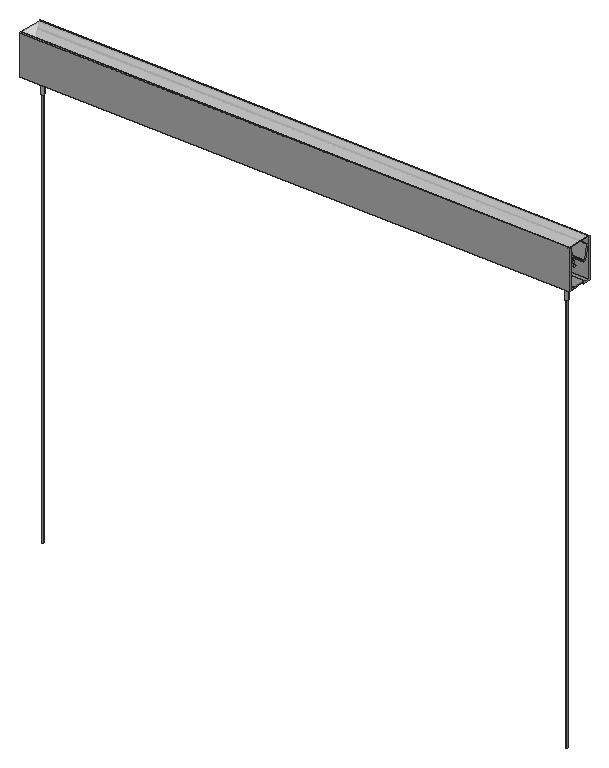
Revit family "2093090 Sylvania Lighting Fixture MC2 D I 1-2M 3K DALIEM WHT OPAL", category Lighting Fixtures, host Face, Revit 2016
Family settings
  Host = Face
  Part Type = Normal
  Round Connector Dimension = Use Diameter
  OmniClass Number = 23.80.70.11.17
  OmniClass Title = Specialized Lighting by Location or Use
  Cut with Voids When Loaded = No
  Light Source = Yes
  Shared = No
  Room Calculation Point = No
Parameters (values of type "2093090 MC2 D/I 1.2M 3K DALIEM WHT OPAL Emergency mode")
  Width_SYL = 54.0 mm
  Weight = "3.4 kg"
  Wattage = 35 W
  WarrantyStartDate [instance] = "n/a"
  WarrantyGuarantorParts = "n/a"
  WarrantyDurationUnit = "n/a"
  WarrantyDurationParts = "n/a"
  WarrantyDescription = "n/a"
  built-in parameter 1150110 = 1 (stored number, unit not read)
  Voltage = 0 V
  URL = "http://www.sylvania-lighting.com"
  TypeName = "MC2 D/I 1.2M 3K DALIEM WHT OPAL Emergency mode"
  built-in parameter 1114217 = 1 (stored number, unit not read)
  Tilt Angle = -90.00°
  built-in parameter 1150109 = 1 (stored number, unit not read)
  built-in parameter 1150134 = (empty or 0)
  built-in parameter 1150113 = 1 (stored number, unit not read)
  SerialNumber [instance] = "n/a"
  PowerFactor = 0.95
  PowerConsumption = "35 W"
  NominalWidth = 0.0 mm
  NominalLength = 1200.0 mm
  NominalHeight = 86.0 mm
  Name = "MC2 D/I 1.2M 3K DALIEM WHT OPAL Emergency mode"
  ModelReference = "MC2 D/I 1.2M 3K DALIEM WHT OPAL"
  ModelNumber = "2093090"
  Material_3_SYL = Metal_Sylvania_Mini Contiuum II_Silver
  Photometric Web File = "2093090EM.ies"
  Material_4_SYL = Metal_Sylvania_Mini Contiuum II_Silver
  MountingHeight_SYL [instance] = 1000.0 mm
  Material = "aluminium housing, polycarbonate diffuser"
  ManufacturerName = "Feilo Sylvania"
  LuminousEfficacy = "3.457 lm/W"
  LuminaireType = ""
  LightOutputRatio = "100"
  Length_SYL = 1200.0 mm
  LampsType = Lamp  # "LED"
  LampNominalLuminous = "121 lm"
  LampMacAdamStep = "3"
  LampColourTemperature = "3000 K"
  LampColourRenderingIndex = "80"
  Keynote = "16500"
  InstallationDate [instance] = "n/a"
  InputVoltage = "n/a"
  InputNominalFrequency = "n/a"
  IngressProtection = "IP20"
  ImpactProtectionIndex = "n/a"
  IfcExportType = "IfcLightFixtureType"
  IfcExportAs = "IfcLightFixtureType"
  Height_SYL = 86.0 mm
  ExpectedLife = 50000
  EndCapRight_SYL [instance] = no
  EndCapLeft_SYL [instance] = no
  Emit from Rectangle Width = Width_SYL - 2.0 mm  # 52.0 mm
  Emit from Rectangle Length = Length_SYL  # 1200.0 mm
  Emit Shape Visible in Rendering = no
  ElectricShockClassification = "Class I"
  DurationUnit = "hours"
  DocumentationLiterature = "http://www.sylvania-lighting.com/product/en-int/products/2093090"
  DimmingControlOptions = "n/a"
  CreatedOn = "10/15/2018"
  CreatedBy = "@sylvania-lighting.com"
  built-in parameter 1114216 [instance] = 1 (stored number, unit not read)
  Model = "MC2 D/I 1.2M 3K DALIEM WHT OPAL"
  Manufacturer = "Feilo Sylvania"
  built-in parameter 1150105 = 9.6289 (stored number, unit not read)
  Lumens = 121 lm
  built-in parameter 1150115 = 1 (stored number, unit not read)
  built-in parameter 1150137 = (empty or 0)
  built-in parameter 1150139 = (empty or 0)
  built-in parameter 1150112 = 1 (stored number, unit not read)
  built-in parameter 1150114 = 1 (stored number, unit not read)
  Lamp = "LED"
  built-in parameter 1150132 = 2
  built-in parameter 1150102 = (empty or 0)
  built-in parameter 1150107 = 3000 (stored number, unit not read)
  built-in parameter 1150138 = (empty or 0)
  built-in parameter 1150106 = 0.096289 (stored number, unit not read)
  Material_1_SYL = Metal_Sylvania_Mini Continuum II_White
  built-in parameter 1150104 = 0.32118 (stored number, unit not read)
  Dimming Lamp Color Temperature Shift = <None>
  Material_2_SYL = Polycarbonate_Sylvania_Mini Continuum II_Opal_4000K
  Description = "2093090   MC2 D/I 1.2M 3K DALIEM WHT OPAL  Continuous lines of LED light, white RAL 9016, direct/indirect distribution (65/35), various accessories available, compact and minimalist design based on the Golden Mean, ideal for offices, meeting rooms, corridors, education facilities, museums and libraries, extruded aluminium body, diffuser: opal, colour temperature: 3000K warm white, total system power: 35W, total fixture output: 3833lm, luminaire efficacy: 110lm/W, LOR: 100%, colour rendering: Ra >80, LED Chromacity: 1 step MacAdam ellipse, lifetime: 60,000 hours at 90% of the original output (L90), energy class: A++, A+, A, IR/UV free light source without heat radiation, operating voltage: 220-240V / 50-60Hz, drive current: (Direct) 800mA + (Indirect) 350mA, electronic driver, DALI dimmable, direct/indirect independently addressable, integral emergency: 3 hour maintained, electrical protection: CLASS I, IP20, suitable for internal environment only."
  Default Elevation = 0.0 mm
  Color Filter = 16777215
  built-in parameter 1140040 [instance] = 1
  BarCode [instance] = "n/a"
  built-in parameter 1114218 = 1 (stored number, unit not read)
  built-in parameter 1150133 = 10 (stored number, unit not read)
  AssetType = "Fixed"
  AssetIdentifier [instance] = "n/a"
  Assembly Code = "D5020200"
  Apparent Load = 35 VA
Types (2, lengths in mm): name | TypeName | Name | Photometric Web File | LuminousEfficacy | LampNominalLuminous | built-in parameter 1150105 | Lumens | built-in parameter 1150106 | built-in parameter 1150104
  2093090 MC2 D/I 1.2M 3K DALIEM WHT OPAL Emergency mode | "MC2 D/I 1.2M 3K DALIEM WHT OPAL Emergency mode" | "MC2 D/I 1.2M 3K DALIEM WHT OPAL Emergency mode" | "2093090EM.ies" | "3.457 lm/W" | "121 lm" | 9.6289 (stored number, unit not read) | 121 lm | 0.096289 (stored number, unit not read) | 0.32118 (stored number, unit not read)
  2093090 MC2 D/I 1.2M 3K DALIEM WHT OPAL | "MC2 D/I 1.2M 3K DALIEM WHT OPAL" | "MC2 D/I 1.2M 3K DALIEM WHT OPAL" | "2093090.ies" | "110 lm/W" | "3833 lm" | 306.37 (stored number, unit not read) | 3850 lm | 3.0637 (stored number, unit not read) | 10.219 (stored number, unit not read)
Reference planes
  plane 1 "Center (Front/Back)": y = 0
  plane 2 "Bottom Fixtures": z = 0
  plane 3 "Center (Left/Right)": x = 0
  plane 4 "Fixture Left": x = -600
  plane 5 "Fixture Right": x = 600
  plane 6 "Fixture Bottom": z = 1000
  plane 7: z = 998
  plane 8: z = 996
  plane 9: z = 986.951
  plane 10: z = 956.951
  plane 11 "Fixture Top": z = 914
  plane 12 "Mounting Right": x = 572
  plane 13 "Mounting Left": x = -572
  plane 14: z = 879
  plane 15: y = 27
  plane 16: y = -27
  plane 17: y = -26
  plane 18: y = -25
  plane 19: y = 26
  plane 20: y = 25
  plane 21: y = 11
  plane 22: y = -11
  plane 23: y = 24
  plane 24: y = 22
  plane 25: y = -22
  plane 26: y = 15
  plane 27: y = -15
  plane 28 "Upper Diffuser Left": x = -450
  plane 29 "Upper Diffuser Right": x = 450
  plane 30: x = -602
  plane 31: x = 602
Forms (mm)
  Extrusion 1, solid, material "Metal_Sylvania_Mini Continuum II_White" <- "Material_1_SYL", detail levels fine
    sketch origin (0, 0, 520) x (0, 1, 0) y (0, 0, 1)
      loop
        line (27, 480) -> (26, 480) -> (26, 478) -> (25, 478) -> (25, 396) -> (13, 396) -> (13, 398) -> (-13, 398) -> (-13, 396) -> (-25, 396) -> (-25, 478) -> (-26, 478) -> (-26, 480) -> (-27, 480) -> (-27, 394) -> (-11, 394) -> (-11, 396) -> (11, 396) -> (11, 394) -> (27, 394) -> (27, 480)
    from -600 to 600
  Extrusion 2, solid, material "Polycarbonate_Sylvania_Mini Continuum II_Opal_4000K" <- "Material_2_SYL", detail levels fine
    sketch origin (0, 0, 520) x (0, 1, 0) y (0, 0, 1)
      loop
        line (-26, 480) -> (-26, 478) -> (26, 478) -> (26, 480) -> (-26, 480)
    from -600 to 600
  Extrusion 3, solid, material "Metal_Sylvania_Mini Contiuum II_Silver" <- "Material_3_SYL", detail levels fine
    sketch origin (0, 0, 520) x (0, 1, 0) y (0, 0, 1)
      loop
        line (22, 466.951) -> (20.973, 466.951) -> (14.206, 437.951) -> (11, 437.951) -> (11, 436.951) -> (15, 436.951) -> (22, 466.951)
      loop
        line (-15, 436.951) -> (-11, 436.951) -> (-11, 437.951) -> (-14.206, 437.951) -> (-20.973, 466.951) -> (-22, 466.951) -> (-15, 436.951)
    from -600 to 600
  Extrusion 4, solid, material "Metal_Sylvania_Mini Continuum II_White" <- "Material_1_SYL", detail levels coarse+medium
    sketch origin (0, 0, 520) x (0, 1, 0) y (0, 0, 1)
      loop
        line (-27, 480) -> (-27, 394) -> (27, 394) -> (27, 480) -> (-27, 480)
    from -600 to 600
  Extrusion 5, solid, material "Metal_Sylvania_Mini Contiuum II_Silver" <- "Material_4_SYL", detail levels fine
    sketch origin (0, 0, -86) x (-1, 0, 0) y (0, -1, 0)
      loop
        circle (572, 0) r 4
      loop
        circle (-572, 0) r 4
    from 965 to 1002
  Extrusion 6, solid, material "Metal_Sylvania_Mini Contiuum II_Silver" <- "Material_4_SYL", detail levels fine
    sketch origin (0, 0, -86) x (-1, 0, 0) y (0, -1, 0)
      loop
        circle (-572, 0) r 1
      loop
        circle (572, 0) r 1
    from 86 to 965
  Extrusion 7, solid, material "Polycarbonate_Sylvania_Mini Continuum II_Opal_4000K" <- "Material_2_SYL", detail levels fine
    sketch origin (0, 0, 0) x (0, 1, 0) y (0, 0, 1)
      loop
        arc (11, 916) -> (5.59, 914.504) -> (0, 914) r 31.25
        arc (0, 914) -> (-5.59, 914.504) -> (-11, 916) r 31.25
        line (-11, 916) -> (-11, 914.934)
        arc (-11, 914.934) -> (-5.584, 913.487) -> (0, 913) r 32.25
        arc (0, 913) -> (5.584, 913.487) -> (11, 914.934) r 32.25
        line (11, 914.934) -> (11, 916)
    from -450 to 450
  Extrusion 8, void
    sketch origin (0, 0, 0) x (0, 1, 0) y (0, 0, 1)
      loop
        line (11, 918) -> (-11, 918) -> (-11, 916) -> (11, 916) -> (11, 918)
    from -450 to 450
  Extrusion 9, solid, material "Metal_Sylvania_Mini Continuum II_White" <- "Material_1_SYL", visible <- "EndCapLeft_SYL"
    sketch origin (-600, 171.684, 1219.2) x (0, 1, 0) y (0, 0, 1)
      loop
        line (-198.684, -305.2) -> (-144.684, -305.2) -> (-144.684, -219.2) -> (-198.684, -219.2) -> (-198.684, -305.2)
    from 0 to -2
  Extrusion 10, solid, material "Metal_Sylvania_Mini Continuum II_White" <- "Material_1_SYL", visible <- "EndCapRight_SYL"
    sketch origin (600, 171.684, 1219.2) x (0, 1, 0) y (0, 0, -1)
      loop
        line (-144.684, 219.2) -> (-144.684, 305.2) -> (-198.684, 305.2) -> (-198.684, 219.2) -> (-144.684, 219.2)
    from 0 to -2
Cuts and joins
  Extrusion 8 cuts Extrusion 1
Lines and regions (mm)
  Masking region 1
    outline origin (0, 0, -86) x (-1, 0, 0) y (0, -1, 0)
      loop
        line (600, -27) -> (600, 27) -> (-600, 27) -> (-600, -27) -> (600, -27)
  symbolic lines, detail levels fine
    curve 1: line (-600, 26, -86) -> (600, 26, -86)
    curve 2: line (-600, -26, -86) -> (600, -26, -86)
  model lines, detail levels coarse+medium
    curve 3: line (-572, 0, 914) -> (-572, 0, 0)
    curve 4: line (572, 0, 914) -> (572, 0, 0)
Dimensions and locks
  host sketch curve to plane 3 "Center (Left/Right)" to host sketch curve = 820.0 mm, 775.047 mm
  equal spacing: plane 4 "Fixture Left", plane 3 "Center (Left/Right)", plane 5 "Fixture Right"
  "Length_SYL": plane 4 "Fixture Left" to plane 5 "Fixture Right"
  plane 6 "Fixture Bottom" to plane 7 to plane 8 to plane 9 to plane 10 = 2.0 mm locked, 2.0 mm locked, 9.049 mm locked, 30.0 mm locked
  locked: Extrusion 1 sketch curve to Extrusion 1 sketch curve at 2
  locked: Extrusion 1 sketch curve to plane 11 "Fixture Top" at 2
  "Height_SYL": plane 6 "Fixture Bottom" to plane 11 "Fixture Top"
  locked: plane 12 "Mounting Right" to plane 5 "Fixture Right" at 28
  locked: plane 4 "Fixture Left" to plane 13 "Mounting Left" at 28
  locked: plane 11 "Fixture Top" to plane 14 at 35
  "MountingHeight_SYL": plane 6 "Fixture Bottom" to plane 2 "Bottom Fixtures"
  equal spacing: plane 15, plane 1 "Center (Front/Back)", plane 16
  "Width_SYL": plane 15 to plane 16
  plane 22 to plane 27 to plane 25 to plane 18 to plane 17 to plane 16 = 4.0 mm locked, 7.0 mm locked, 3.0 mm locked, 1.0 mm locked, 1.0 mm locked
  plane 15 to plane 19 to plane 20 to plane 23 to plane 24 to plane 26 to plane 21 = 1.0 mm locked, 1.0 mm locked, 1.0 mm locked, 2.0 mm locked, 7.0 mm locked, 4.0 mm locked
  locked: plane 4 "Fixture Left" to plane 28 "Upper Diffuser Left" at 150
  locked: plane 29 "Upper Diffuser Right" to plane 5 "Fixture Right" at 150
  equal spacing: plane 30, plane 3 "Center (Left/Right)", plane 31
  locked: plane 30 to plane 4 "Fixture Left" at 2
  aligned and locked: plane 2 "Bottom Fixtures" to host face
  aligned and locked: level to host face
  aligned and locked: plane 5 "Fixture Right" to curve 1
  aligned and locked: plane 4 "Fixture Left" to curve 1
  aligned and locked: plane 4 "Fixture Left" to curve 2
  aligned and locked: plane 5 "Fixture Right" to curve 2
  aligned and locked: Extrusion 1 sketch curve to plane 7
  aligned and locked: plane 6 "Fixture Bottom" to Extrusion 1 sketch curve  (x2)
  aligned and locked: plane 7 to Extrusion 1 sketch curve
  aligned and locked: Extrusion 1 to Extrusion 2 sketch curve
  aligned and locked: Extrusion 2 sketch curve to Extrusion 1  (x3)
  aligned and locked: Extrusion 3 sketch curve to plane 10
  aligned and locked: plane 9 to Extrusion 3 sketch curve
  aligned and locked: Extrusion 3 sketch curve to plane 9
  aligned and locked: Extrusion 4 sketch curve to plane 6 "Fixture Bottom"
  aligned and locked: Extrusion 4 to plane 4 "Fixture Left"
  aligned and locked: Extrusion 2 to plane 4 "Fixture Left"
  aligned and locked: Extrusion 3 to plane 4 "Fixture Left"
  aligned and locked: Extrusion 1 to plane 4 "Fixture Left"
  aligned and locked: Extrusion 4 to plane 5 "Fixture Right"
  aligned and locked: Extrusion 2 to plane 5 "Fixture Right"
  aligned and locked: Extrusion 3 to plane 5 "Fixture Right"
  aligned and locked: Extrusion 1 to plane 5 "Fixture Right"
  aligned and locked: plane 11 "Fixture Top" to Extrusion 4 sketch curve
  aligned and locked: Extrusion 1 sketch curve to plane 11 "Fixture Top"  (x2)
  aligned and locked: Extrusion 1 sketch curve to Extrusion 1 sketch curve
  aligned and locked: plane 6 "Fixture Bottom" to imposter light
  aligned and locked: plane 11 "Fixture Top" to curve 3
  aligned and locked: plane 2 "Bottom Fixtures" to curve 3
  aligned and locked: plane 11 "Fixture Top" to curve 4
  aligned and locked: plane 2 "Bottom Fixtures" to curve 4
  aligned and locked: curve 4 to plane 12 "Mounting Right"
  aligned and locked: curve 3 to plane 13 "Mounting Left"
  aligned and locked: Extrusion 5 to Extrusion 1
  aligned and locked: Extrusion 5 to plane 14
  aligned and locked: plane 14 to Extrusion 6
  aligned and locked: Extrusion 6 to level
  aligned and locked: plane 11 "Fixture Top" to Extrusion 7 sketch curve
  aligned and locked: Extrusion 7 to plane 28 "Upper Diffuser Left"
  aligned and locked: Extrusion 7 to plane 29 "Upper Diffuser Right"
  aligned and locked: plane 21 to Extrusion 3 sketch curve
  aligned and locked: Extrusion 3 sketch curve to plane 22
  aligned and locked: Extrusion 8 sketch curve to plane 21
  aligned and locked: Extrusion 8 sketch curve to plane 22
  aligned and locked: Extrusion 8 sketch curve to Extrusion 1  (x2)
  aligned and locked: Extrusion 8 to Extrusion 7  (x2)
  aligned and locked: plane 21 to Extrusion 7 sketch curve
  aligned and locked: plane 1 "Center (Front/Back)" to Extrusion 7 sketch curve
  aligned and locked: plane 22 to Extrusion 7 sketch curve
  aligned and locked: Extrusion 9 sketch curve to Extrusion 4  (x4)
  aligned and locked: Extrusion 9 to plane 30
  aligned and locked: plane 4 "Fixture Left" to Extrusion 9
  aligned and locked: Extrusion 10 sketch curve to Extrusion 4  (x4)
  aligned and locked: plane 31 to Extrusion 10
  aligned and locked: plane 5 "Fixture Right" to Extrusion 10
Automatic sketch dimensions
  host sketch curve to host sketch curve = 1047.463 mm
  plane 19 to curve 1 = 0.0 mm
  curve 2 to plane 17 = 0.0 mm
  Masking region 1 sketch curve to plane 5 "Fixture Right" = 0.0 mm
  Masking region 1 sketch curve to plane 4 "Fixture Left" = 0.0 mm
  plane 15 to Masking region 1 sketch curve = 0.0 mm
  Masking region 1 sketch curve to plane 16 = 0.0 mm
  Extrusion 1 sketch curve to plane 16 = 0.0 mm
  Extrusion 1 sketch curve to plane 17 = 0.0 mm
  Extrusion 1 sketch curve to plane 18 = 0.0 mm
  Extrusion 1 sketch curve to plane 22 = 0.0 mm
  Extrusion 1 sketch curve to plane 21 = 0.0 mm
  Extrusion 1 sketch curve to plane 20 = 0.0 mm
  Extrusion 1 sketch curve to plane 19 = 0.0 mm
  Extrusion 1 sketch curve to plane 15 = 0.0 mm
  plane 11 "Fixture Top" to Extrusion 1 sketch curve = 2.0 mm
  Extrusion 1 sketch curve to plane 22 = 2.0 mm
  Extrusion 1 sketch curve to plane 21 = 2.0 mm
  Extrusion 3 sketch curve to plane 25 = 0.0 mm
  Extrusion 3 sketch curve to plane 27 = 0.0 mm
  Extrusion 3 sketch curve to plane 26 = 0.0 mm
  Extrusion 3 sketch curve to plane 24 = 0.0 mm
  plane 10 to Extrusion 3 sketch curve = 1.0 mm
  Extrusion 3 sketch curve to Extrusion 3 sketch curve = 1.027 mm
  plane 27 to Extrusion 3 sketch curve = 0.794 mm
  plane 26 to Extrusion 3 sketch curve = 0.794 mm
  plane 24 to Extrusion 3 sketch curve = 1.027 mm
  Extrusion 4 sketch curve to plane 16 = 0.0 mm
  Extrusion 4 sketch curve to plane 15 = 0.0 mm
  plane 1 "Center (Front/Back)" to Extrusion 5 sketch curve = 0.0 mm  (x2)
  Extrusion 5 sketch curve to plane 12 "Mounting Right" = 0.0 mm
  Extrusion 5 sketch curve to plane 13 "Mounting Left" = 0.0 mm
  plane 1 "Center (Front/Back)" to Extrusion 6 sketch curve = 0.0 mm  (x2)
  Extrusion 6 sketch curve to plane 12 "Mounting Right" = 0.0 mm
  Extrusion 6 sketch curve to plane 13 "Mounting Left" = 0.0 mm
  Extrusion 7 sketch curve to Extrusion 7 sketch curve = 0.0 mm  (x4)
  plane 11 "Fixture Top" to Extrusion 7 sketch curve = 0.934 mm
  Extrusion 3 sketch curve to Extrusion 3 sketch curve = 0.0 mm
  Extrusion 3 sketch curve to plane 10 = 0.0 mm
  plane 11 "Fixture Top" to Extrusion 7 sketch curve = 2.0 mm
  radius of Extrusion 5 sketch curve = 4.0 mm  (x2)
  radius of Extrusion 6 sketch curve = 1.0 mm  (x2)
Connectors
  electrical at (600, 0, 949), driven by "Apparent Load"
    settings: on Extrusion 1, index 1, voltage 230 V, apparent load 0 VA, apparent load phase1 35 VA, apparent load phase2 0 VA, apparent load phase3 0 VA, power factor 1, load classification "Lighting", number of poles 1, system type 31, power factor state 1, is connector primary yes, connector utility no, sub classification motor no, connector description ""
